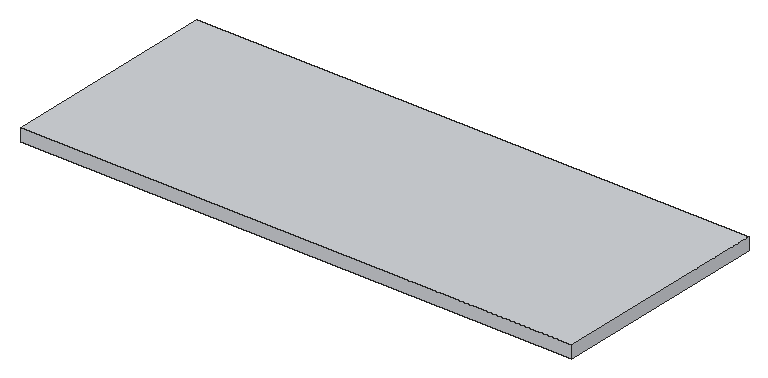
Revit family "OglaendSystem_FOE_SpliceConnector_82L", category Соединительные детали кабельных лотков, Revit 2018
Family settings
  Размер круглого соединителя = Использовать диаметр
  Тип детали = Мультипорт канального
  Номер OmniClass = 23.80.30.17.17
  Заголовок OmniClass = Cable Trays and Horizontal Racks
  На основе рабочей плоскости = Да
  Всегда вертикально = Нет
  При загрузке вырезать с полостями = Нет
  Общий = Да
Parameters (values of type "Исполнение SS.")
  Таблица выбора типа = "FOE SC SS T"
  Таблица выбора наименования = "FOE SC SS N"
  Таблица выбора массы = "FOE SC SS W"
  Таблица выбора артикула = "FOE SC SS A"
  Спец.ТипМаркаОбозначДокументаСоединителяЛоткаКабельногоКанала [instance] = size_lookup(Таблица выбора типа, "", "Неопределенно", Рзм.H)  # "FOE-100 SC SS"
  Спец.ПримечаниеСоединителяЛоткаКабельногоКанала [instance] = ""
  Спец.НаименованиеИТенхХарСоединителяЛоткаКабельногоКанала [instance] = size_lookup(Таблица выбора наименования, "", "Неопределенно", Рзм.H)  # "Соединитель FOE-100 SC SS"
  Спец.МассаТекстСоединителяЛоткаКабельногоКанала [instance] = size_lookup(Таблица выбора массы, "", "Неопределенно", Рзм.H)  # "0.3"
  Спец.МассаСоединителяЛоткаКабельногоКанала [instance] = size_lookup(Таблица выбора массы, "W", 0, Рзм.H) * 1.00 kg  # 0.30 kg
  Спец.КодОборудИзделияМатериалаСоединителяЛоткаКабельногоКанала [instance] = size_lookup(Таблица выбора артикула, "", "Неопределенно", Рзм.H)  # "74858"
  Спец.ИзготовительСоединителяЛоткаКабельногоКанала [instance] = "ООО «ОГЛАЕНД СИСТЕМ»"  # constant formula
  Спец.ЕдИзмСоединителяЛоткаКабельногоКанала [instance] = "шт."  # constant formula
  Спец.URLСсылкаСоединителяЛоткаКабельногоКанала = ""
  Рзм.X = 220.00 mm  # constant formula
  Рзм.S [instance] = if(Рзм.H = 70.00 mm, 3.00 mm, if(Рзм.H = 100.00 mm, 5.00 mm, 6.50 mm))  # 5.00 mm
  Рзм.H2 [instance] = if(Рзм.H = 70.00 mm, 63.00 mm, if(Рзм.H = 100.00 mm, 87.90 mm, 136.00 mm))  # 87.90 mm
  Рзм.H [instance] = 100.00 mm
  built-in parameter 1140111 [instance] = Рзм.S  # 0.016404 (stored number, unit not read)
  Default Elevation = 1219.20 mm
Types (2, lengths in mm): name | Таблица выбора типа | Таблица выбора наименования | Таблица выбора массы | Таблица выбора артикула | Спец.ТипМаркаОбозначДокументаСоединителяЛоткаКабельногоКанала | Спец.НаименованиеИТенхХарСоединителяЛоткаКабельногоКанала | Спец.КодОборудИзделияМатериалаСоединителяЛоткаКабельногоКанала
  Исполнение SS. | "FOE SC SS T" | "FOE SC SS N" | "FOE SC SS W" | "FOE SC SS A" | "FOE-100 SC SS" | "Соединитель FOE-100 SC SS" | "74858"
  Исполнение FRP. | "FOE SC FRP T" | "FOE SC FRP N" | "FOE SC FRP W" | "FOE SC FRP A" | "FOE-100 SC FRP" | "Соединитель FOE-100 SC FRP" | "75051"
Reference planes
  plane 1 "По центру (Вперед/Назад)": y = 0
  plane 2: z = 0
  plane 3 "По центру (Влево/Вправо)": x = 0
  plane 4: z = 5
  plane 5: y = -43.95
  plane 6: y = 43.95
  plane 7: x = 110
  plane 8: x = -110
Forms (mm)
  Extrusion 1, solid
    sketch origin (0, 0, 0) x (1, 0, 0) y (0, 1, 0)
      loop
        line (-110, 43.95) -> (-110, -43.95) -> (110, -43.95) -> (110, 43.95) -> (-110, 43.95)
    from 0 to 5
Dimensions and locks
  "Рзм.S": plane 4 to level
  equal spacing: plane 6, plane 1 "По центру (Вперед/Назад)", plane 5
  "Рзм.H2": plane 5 to plane 6
  equal spacing: plane 8, plane 3 "По центру (Влево/Вправо)", plane 7
  "Рзм.X": plane 8 to plane 7
  aligned and locked: plane 6 to Extrusion 1 sketch curve
  aligned and locked: plane 8 to Extrusion 1 sketch curve
  aligned and locked: plane 5 to Extrusion 1 sketch curve
  aligned and locked: Extrusion 1 sketch curve to plane 7
  aligned and locked: Extrusion 1 to level
  aligned and locked: plane 4 to Extrusion 1
